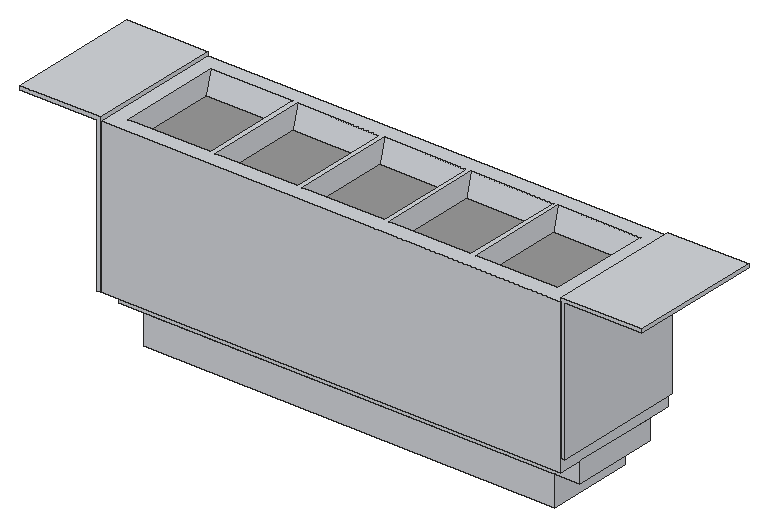
Revit family "2061127 Sylvania Lighting Fixture DOMINO 5xLED 940 BLACK NB TRIMLESS WHITE", category Lighting Fixtures, host Face, Revit 2018
Family settings
  Host = Face
  Round Connector Dimension = Use Diameter
  Part Type = Normal
  OmniClass Number = 23.80.70.00
  OmniClass Title = Lighting
  Cut with Voids When Loaded = No
  Light Source = Yes
  Shared = No
  Room Calculation Point = No
Parameters (values of type "2061127 DOMINO 5XLED 940 BLACK NB TS WHT ")
  top top width = 15.812 mm
  top top length = 123 mm
  Width = 50 mm
  Weight = "n/a"
  Wattage Comments = ""
  Wattage = 9.2903 W
  WarrantyStartDate [instance] = "n/a"
  WarrantyGuarantorParts = "n/a"
  WarrantyDurationUnit = "n/a"
  WarrantyDurationParts = ""
  WarrantyDescription = "http://www.sylvania-lighting.com"
  built-in parameter 1150110 = 1 (stored number, unit not read)
  Voltage = 0 V
  URL = "0.6"
  TypeName = "DOMINO 5xLED 940 BLACK NB TRIMLESS WHITE"
  Type Image = <None>
  Type Comments = "n/a"
  built-in parameter 1114217 = 1 (stored number, unit not read)
  Top Width = 26 mm
  Tilt Angle = 90.00°
  built-in parameter 1150109 = 1 (stored number, unit not read)
  built-in parameter 1150134 = 3
  built-in parameter 1150113 = 1 (stored number, unit not read)
  SerialNumber [instance] = "n/a"
  Recessed Width = 43 mm
  Recessed Length = 143 mm
  Photometric Web File = "2061127.ies"
  Material_3_FEILO = none
  PowerFactor = 0
  PowerConsumption = "Lighting"
  NominalLength = 41 mm
  NominalHeight = 0 mm
  NominalDepth = 0 mm
  Name = "DOMINO 5xLED 940 BLACK NB TRIMLESS WHITE"
  ModelReference = Name  # "DOMINO 5xLED 940 BLACK NB TRIMLESS WHITE"
  ModelNumber = "2061127"
  Model = Name  # "DOMINO 5xLED 940 BLACK NB TRIMLESS WHITE"
  Material = "Feilo Sylvania"
  ManufacturerName = "67 lm/W"
  Manufacturer = ""
  LuminousEfficacy = ""
  built-in parameter 1150105 = 109.82 (stored number, unit not read)
  Lumens = 1380 lm
  LuminaireType = "0"
  built-in parameter 1150115 = 1 (stored number, unit not read)
  LightOutputRatio = "LED"
  built-in parameter 1150137 = (empty or 0)
  built-in parameter 1150139 = (empty or 0)
  Lens inside recess = 25 mm
  Lens Width = 32 mm
  Lens Outside recess = 31.978 mm
  Lens = Glass, White, High Luminance
  Length = 148 mm
  LampsType = Lamp  # "n/a"
  LampNominalLuminous = "4000 K"
  LampMacAdamStep = "90"
  LampColourTemperature = "LED"
  LampColourRenderingIndex = "16500"
  built-in parameter 1150112 = 1 (stored number, unit not read)
  built-in parameter 1150114 = 1 (stored number, unit not read)
  Lamp = "n/a"
  Keynote = "n/a"
  InstallationDate [instance] = "n/a"
  InputVoltage = "0"
  InputNominalFrequency = "4000"
  built-in parameter 1150132 = (empty or 0)
  built-in parameter 1150102 = (empty or 0)
  built-in parameter 1150107 = 3200 (stored number, unit not read)
  built-in parameter 1150138 = (empty or 0)
  IngressProtection = "IfcLightFixtureType"
  ImpactProtectionIndex = "IfcLightFixtureType"
  built-in parameter 1150106 = 1.0982 (stored number, unit not read)
  IfcExportType = "IfcLightFixtureType"
  IfcExportAs = "Class II"
  Facia internal width = 37 mm
  Facia internal length = 135 mm
  Facia Height = 2 mm
  ExpectedLife = 50000
  Emit from Circle Diameter = 609.6 mm
  Emit Shape Visible in Rendering = no
  ElectricShockClassification = "67"
  built-in parameter 1150104 = 13.8 (stored number, unit not read)
  DurationUnit = "hours"
  DocumentationLiterature = "http://www.sylvania-lighting.com/product/en-int/products/2061127"
  DimmingControlOptions = "n/a"
  Material_2_FEILO = none
  Dimming Lamp Color Temperature Shift = <None>
  Description = "Modular LED recessed linear spotlight, ideal for retail and hospitality applications. Die-cast aluminium body, passive cooling. Two levels of reflector installation, low glaring UGR<16. 5x LED source, 15° beam angle , optics: PMMA lens and polycarbonate reflector combination, Black matt reflector finish. Light color temperature: 4000K neutral white, total system power: 13W , total fixture lumen output: 860lm, efficacy: 67 lm/W, Ra90 typical, LED chromacity: 3 step MacAdam ellipse (SDCM3), lifespan: 96,000 hours at 90% of the original output (L90B10), IR/UV free light source without heat radiation, operating voltage: 220-240V / 50-60Hz, electronic driver, ultra low flicker, non-dimmable , electrical protection: Class II. Degree of Protection: IP40/IP20, suitable for indoor environment only. Ceiling cut-out: 42x42mm, outer dimensions:  144x41mm , trimless frame RAL 9016 - Traffic white / Bezel color.5 years Warranty."
  Default Elevation = 1219.2 mm
  CreatedOn = "11/02/2021"
  CreatedBy = "@sylvania-lighting.com"
  Cost = 0
  Color Filter = 16777215
  built-in parameter 1114216 [instance] = (empty or 0)
  ClassificationValue = "EF_70_80"
  ClassificationName = "Uniclass2015"
  Material_1_FEILO = none
  Body Width = 40 mm
  Body Length = 138 mm
  BarCode [instance] = "n/a"
  built-in parameter 1114218 = 1 (stored number, unit not read)
  built-in parameter 1150133 = 10 (stored number, unit not read)
  AssetType = "Fixed"
  AssetIdentifier [instance] = "n/a"
  Assembly Code = "D5020200"
  Apparent Load = 13 VA
  Material_4_FEILO = none
Reference planes
  plane 1 "Center (Front/Back)": y = 0
  plane 2: z = 0
  plane 3 "Center (Left/Right)": x = 0
  plane 4: z = 0
  plane 5: z = -7
  plane 6: z = -45.895
  plane 7: z = -51.895
  plane 8: z = -60.895
  plane 9: x = -71.5
  plane 10: x = 71.5
  plane 11: y = 21.5
  plane 12: y = -21.5
  plane 13: x = -74
  plane 14: x = 74
  plane 15: y = 25
  plane 16: y = -25
  plane 17: x = 67.5
  plane 18: x = -67.5
  plane 19: y = 18.5
  plane 20: y = -18.5
  plane 21: z = 2
  plane 22: x = -69
  plane 23: x = 69
  plane 24: y = 20
  plane 25: y = -20
  plane 26: y = 13
  plane 27: y = -13
  plane 28: x = 61.5
  plane 29: x = -61.5
  plane 30: x = -65.5
  plane 31: y = 16.5
  plane 32: y = -16.472
  plane 33: x = -40.5
  plane 34: x = -41
  plane 35: x = -65
  plane 36: y = 13
  plane 37: y = -12.972
  plane 38: x = -39.5
  plane 39: x = -14.48
  plane 40: x = -13.48
  plane 41: x = 11.52
  plane 42: x = 12.52
  plane 43: x = 37.52
  plane 44: x = 38.52
  plane 45: x = 64.5
  plane 46: x = -72.5
  plane 47: z = 1
  plane 48: x = -93
  plane 49: z = -42
  plane 50: x = -70
  plane 51: x = 93
  plane 52: x = 70
Forms (mm)
  Extrusion 1, solid, not visible, detail levels medium+fine
    sketch origin (4.2, 0, 0) x (1, 0, 0) y (0, 1, 0)
      loop
        line (-29.2, 34.5) -> (-29.2, -34.5) -> (20.8, -34.5) -> (20.8, 34.5) -> (-29.2, 34.5)
    from 0 to 1
  Extrusion 2, solid, not visible, detail levels medium+fine
    sketch origin (4.044, 0, 0) x (1, 0, 0) y (0, 1, 0)
      loop
        line (-29.2, 34.5) -> (-29.2, -34.5) -> (20.8, -34.5) -> (20.8, 34.5) -> (-29.2, 34.5)
    from 0 to 1
  Blend 3, solid, not visible, detail levels medium+fine
    base sketch origin (4.2, 0, 0) x (1, 0, 0) y (0, 1, 0)
      loop
        line (-29.2, 34.5) -> (-29.2, -34.5) -> (20.8, -34.5) -> (20.8, 34.5) -> (-29.2, 34.5)
    top sketch origin (4.2, 0, 0) x (1, 0, 0) y (0, 1, 0)
      loop
        line (-21.7, 28) -> (-21.7, -28) -> (13.3, -28) -> (13.3, 28) -> (-21.7, 28)
    from 1 to 3
  Extrusion 4, solid, not visible, detail levels medium+fine
    sketch origin (3.419, 0, 0) x (1, 0, 0) y (0, 1, 0)
      loop
        line (-29.2, 34.5) -> (-29.2, -34.5) -> (20.8, -34.5) -> (20.8, 34.5) -> (-29.2, 34.5)
    from 0 to 1
  Blend 5, solid, not visible, detail levels medium+fine
    base sketch origin (3.575, 0, 0) x (1, 0, 0) y (0, 1, 0)
      loop
        line (-29.2, 34.5) -> (-29.2, -34.5) -> (20.8, -34.5) -> (20.8, 34.5) -> (-29.2, 34.5)
    top sketch origin (3.575, 0, 0) x (1, 0, 0) y (0, 1, 0)
      loop
        line (-21.7, 28) -> (-21.7, -28) -> (13.3, -28) -> (13.3, 28) -> (-21.7, 28)
    from 1 to 3
  Extrusion 6, solid, not visible, detail levels medium+fine
    sketch origin (4.247, 0, 0) x (1, 0, 0) y (0, 1, 0)
      loop
        line (-29.2, 34.5) -> (-29.2, -34.5) -> (20.8, -34.5) -> (20.8, 34.5) -> (-29.2, 34.5)
    from 0 to 1
  Blend 7, solid, not visible, detail levels medium+fine
    base sketch origin (4.403, 0, 0) x (1, 0, 0) y (0, 1, 0)
      loop
        line (-29.2, 34.5) -> (-29.2, -34.5) -> (20.8, -34.5) -> (20.8, 34.5) -> (-29.2, 34.5)
    top sketch origin (4.403, 0, 0) x (1, 0, 0) y (0, 1, 0)
      loop
        line (-21.7, 28) -> (-21.7, -28) -> (13.3, -28) -> (13.3, 28) -> (-21.7, 28)
    from 1 to 3
  Extrusion 8, void, detail levels medium+fine
    sketch origin (4.2, 0, 0) x (0, 1, 0) y (1, 0, 0)
      loop
        line (21.5, -75.7) -> (21.5, 67.3) -> (-21.5, 67.3) -> (-21.5, -75.7) -> (21.5, -75.7)
    from -9.934 to 83.097
  Extrusion 9, solid, detail levels medium+fine
    sketch origin (4.2, 0, 0) x (1, 0, 0) y (0, 1, 0)
      loop
        line (-73.2, 20) -> (-73.2, -20) -> (64.8, -20) -> (64.8, 20) -> (-73.2, 20)
    from 0 to -45.895
  Extrusion 10, solid, detail levels medium+fine
    sketch origin (4.2, 0, 0) x (1, 0, 0) y (0, 1, 0)
      loop
        line (-73.2, 13) -> (-73.2, -13) -> (64.8, -13) -> (64.8, 13) -> (-73.2, 13)
    from -51.895 to -45.895
  Extrusion 11, solid, material "Glass, White, High Luminance" <- "Lens", detail levels fine
    sketch origin (11.874, 1219.733, 36.156) x (1, 0, 0) y (0, 1, 0)
      loop
        line (-75.883, -1206.7) -> (-75.883, -1232.733) -> (-51.887, -1232.733) -> (-51.887, -1206.7) -> (-75.883, -1206.7)
    from -43.156 to -42.182
  Extrusion 12, solid, detail levels fine
    sketch origin (0, 0, 0) x (1, 0, 0) y (0, 0, 1)
      loop
        line (-61.5, -51.895) -> (-61.5, -60.895) -> (61.5, -60.895) -> (61.5, -51.895) -> (-61.5, -51.895)
    from -13 to 13
  Blend 13, void
    base sketch origin (5.187, 0, 0) x (0, 1, 0) y (-1, 0, 0)
      loop
        line (16.5, 69.7) -> (-16.472, 69.7) -> (-16.472, 44.7) -> (16.5, 44.7) -> (16.5, 69.7)
    top sketch origin (5.187, 0, 0) x (0, 1, 0) y (-1, 0, 0)
      loop
        line (13, 69.2) -> (-12.972, 69.2) -> (-12.972, 45.2) -> (13, 45.2) -> (13, 69.2)
    from 3 to -7
  Blend 14, void
    base sketch origin (31.202, 0, 0) x (0, 1, 0) y (-1, 0, 0)
      loop
        line (16.5, 69.7) -> (-16.472, 69.7) -> (-16.472, 44.7) -> (16.5, 44.7) -> (16.5, 69.7)
    top sketch origin (31.202, 0, 0) x (0, 1, 0) y (-1, 0, 0)
      loop
        line (13, 69.2) -> (-12.972, 69.2) -> (-12.972, 45.2) -> (13, 45.2) -> (13, 69.2)
    from 3 to -7
  Blend 15, void
    base sketch origin (57.213, -0.017, 0) x (0, 1, 0) y (-1, 0, 0)
      loop
        line (16.5, 69.7) -> (-16.472, 69.7) -> (-16.472, 44.7) -> (16.5, 44.7) -> (16.5, 69.7)
    top sketch origin (57.213, -0.017, 0) x (0, 1, 0) y (-1, 0, 0)
      loop
        line (13, 69.2) -> (-12.972, 69.2) -> (-12.972, 45.2) -> (13, 45.2) -> (13, 69.2)
    from 3 to -7
  Blend 16, void
    base sketch origin (83.222, 0, 0) x (0, 1, 0) y (-1, 0, 0)
      loop
        line (16.5, 69.7) -> (-16.472, 69.7) -> (-16.472, 44.7) -> (16.5, 44.7) -> (16.5, 69.7)
    top sketch origin (83.222, 0, 0) x (0, 1, 0) y (-1, 0, 0)
      loop
        line (13, 69.2) -> (-12.972, 69.2) -> (-12.972, 45.2) -> (13, 45.2) -> (13, 69.2)
    from 3 to -7
  Blend 17, void
    base sketch origin (109.202, 0, 0) x (0, 1, 0) y (-1, 0, 0)
      loop
        line (16.5, 69.7) -> (-16.472, 69.7) -> (-16.472, 44.7) -> (16.5, 44.7) -> (16.5, 69.7)
    top sketch origin (109.202, 0, 0) x (0, 1, 0) y (-1, 0, 0)
      loop
        line (13, 69.2) -> (-12.972, 69.2) -> (-12.972, 45.2) -> (13, 45.2) -> (13, 69.2)
    from 3 to -7
  Extrusion 18, solid, material "Glass, White, High Luminance" <- "Lens", detail levels fine
    sketch origin (37.889, 1219.733, 36.156) x (1, 0, 0) y (0, 1, 0)
      loop
        line (-75.883, -1206.7) -> (-75.883, -1232.733) -> (-51.887, -1232.733) -> (-51.887, -1206.7) -> (-75.883, -1206.7)
    from -43.156 to -42.182
  Extrusion 19, solid, material "Glass, White, High Luminance" <- "Lens", detail levels fine
    sketch origin (63.896, 1219.733, 36.156) x (1, 0, 0) y (0, 1, 0)
      loop
        line (-75.883, -1206.7) -> (-75.883, -1232.733) -> (-51.887, -1232.733) -> (-51.887, -1206.7) -> (-75.883, -1206.7)
    from -43.156 to -42.182
  Extrusion 20, solid, material "Glass, White, High Luminance" <- "Lens", detail levels fine
    sketch origin (89.905, 1219.733, 36.156) x (1, 0, 0) y (0, 1, 0)
      loop
        line (-75.883, -1206.7) -> (-75.883, -1232.733) -> (-51.887, -1232.733) -> (-51.887, -1206.7) -> (-75.883, -1206.7)
    from -43.156 to -42.182
  Extrusion 21, solid, material "Glass, White, High Luminance" <- "Lens", detail levels fine
    sketch origin (115.886, 1219.733, 36.156) x (1, 0, 0) y (0, 1, 0)
      loop
        line (-75.883, -1206.7) -> (-75.883, -1232.733) -> (-51.887, -1232.733) -> (-51.887, -1206.7) -> (-75.883, -1206.7)
    from -43.156 to -42.182
  Extrusion 22, solid, detail levels coarse
    sketch origin (4.2, 0, 0) x (1, 0, 0) y (0, 1, 0)
      loop
        line (-97.2, 20) -> (-97.2, -20) -> (88.8, -20) -> (88.8, 20) -> (-97.2, 20)
    from 3 to -60.895
  Extrusion 23, solid, detail levels medium+fine
    sketch origin (0, 0, 0) x (1, 0, 0) y (0, 0, 1)
      loop
        line (-69, -45.895) -> (-69, 1) -> (-93, 1) -> (-93, 0) -> (-70, 0) -> (-70, -45.895) -> (-69, -45.895)
    from -20 to 20
  Extrusion 24, solid, detail levels medium+fine
    sketch origin (0, 0, 0) x (1, 0, 0) y (0, 0, 1)
      loop
        line (93, 1) -> (69, 1) -> (69, -42) -> (70, -42) -> (70, 0) -> (93, 0) -> (93, 1)
    from -20 to 20
Cuts and joins
  Blend 13, Blend 14, Blend 15, Blend 16, Blend 17 cuts Extrusion 9
Dimensions and locks
  "Recessed Length": plane 9 to plane 10
  equal spacing: plane 9, plane 3 "Center (Left/Right)", plane 10
  "Length": plane 13 to plane 14
  equal spacing: plane 13, plane 3 "Center (Left/Right)", plane 14
  "Recessed Width": plane 11 to plane 12
  equal spacing: plane 11, plane 1 "Center (Front/Back)", plane 12
  "Width": plane 15 to plane 16
  equal spacing: plane 15, plane 1 "Center (Front/Back)", plane 16
  "Facia internal length": plane 18 to plane 17
  equal spacing: plane 18, plane 3 "Center (Left/Right)", plane 17
  "Facia internal width": plane 19 to plane 20
  equal spacing: plane 19, plane 1 "Center (Front/Back)", plane 20
  "Facia Height": plane 21 to host face
  "Body Length": plane 22 to plane 23
  equal spacing: plane 22, plane 3 "Center (Left/Right)", plane 23
  "Body Width": plane 24 to plane 25
  equal spacing: plane 24, plane 1 "Center (Front/Back)", plane 25
  "Top Width": plane 26 to plane 27
  equal spacing: plane 26, plane 1 "Center (Front/Back)", plane 27
  "top top length": plane 29 to plane 28
  equal spacing: plane 29, plane 3 "Center (Left/Right)", plane 28  (x2)
  plane 28 to plane 29 = 123 mm
  equal spacing: plane 28, plane 3 "Center (Left/Right)", plane 29
  aligned and locked: plane 2 to host face
  aligned and locked: level to host face
  aligned and locked: Extrusion 10 to plane 7
  aligned and locked: Extrusion 9 to plane 6
  aligned and locked: Extrusion 11 to plane 5
Automatic sketch dimensions
  Extrusion 1 sketch curve to Extrusion 1 sketch curve = 50 mm
  Extrusion 1 sketch curve to Extrusion 1 sketch curve = 69 mm
  Extrusion 2 sketch curve to Extrusion 2 sketch curve = 50 mm
  Extrusion 2 sketch curve to Extrusion 2 sketch curve = 69 mm
  Blend 3 sketch curve to Blend 3 sketch curve = 50 mm
  Blend 3 sketch curve to Blend 3 sketch curve = 69 mm
  Blend 3 sketch curve to Blend 3 sketch curve = 35 mm
  Blend 3 sketch curve to Blend 3 sketch curve = 56 mm
  Extrusion 4 sketch curve to Extrusion 4 sketch curve = 50 mm
  Extrusion 4 sketch curve to Extrusion 4 sketch curve = 69 mm
  Blend 5 sketch curve to Blend 5 sketch curve = 50 mm
  Blend 5 sketch curve to Blend 5 sketch curve = 69 mm
  Blend 5 sketch curve to Blend 5 sketch curve = 35 mm
  Blend 5 sketch curve to Blend 5 sketch curve = 56 mm
  Extrusion 6 sketch curve to Extrusion 6 sketch curve = 50 mm
  Extrusion 6 sketch curve to Extrusion 6 sketch curve = 69 mm
  Blend 7 sketch curve to Blend 7 sketch curve = 50 mm
  Blend 7 sketch curve to Blend 7 sketch curve = 69 mm
  Blend 7 sketch curve to Blend 7 sketch curve = 35 mm
  Blend 7 sketch curve to Blend 7 sketch curve = 56 mm
  host sketch curve to host sketch curve = 2438.4 mm  (x2)
  Extrusion 8 sketch curve to plane 9 = 0 mm
  Extrusion 8 sketch curve to plane 12 = 0 mm
  Extrusion 8 sketch curve to plane 11 = 0 mm
  Extrusion 8 sketch curve to plane 10 = 0 mm
  Extrusion 9 sketch curve to plane 22 = 0 mm
  Extrusion 9 sketch curve to plane 23 = 0 mm
  Extrusion 9 sketch curve to plane 25 = 0 mm
  Extrusion 9 sketch curve to plane 24 = 0 mm
  Extrusion 10 sketch curve to plane 22 = 0 mm
  Extrusion 10 sketch curve to plane 23 = 0 mm
  Extrusion 10 sketch curve to plane 27 = 0 mm
  Extrusion 10 sketch curve to plane 26 = 0 mm
  Extrusion 11 sketch curve to plane 27 = 0 mm
  plane 35 to Extrusion 11 sketch curve = 0.991 mm
  plane 26 to Extrusion 11 sketch curve = 0.033 mm
  plane 33 to Extrusion 11 sketch curve = 0.487 mm
  Extrusion 12 sketch curve to plane 8 = 0 mm
  Extrusion 12 sketch curve to plane 29 = 0 mm
  Extrusion 12 sketch curve to plane 28 = 0 mm
  Extrusion 12 sketch curve to plane 7 = 0 mm
  Blend 13 sketch curve to plane 32 = 0 mm
  Blend 13 sketch curve to plane 31 = 0 mm
  Blend 13 sketch curve to plane 38 = 0.013 mm
  plane 35 to Blend 13 sketch curve = 0.487 mm
  Blend 13 sketch curve to plane 37 = 0 mm
  Blend 13 sketch curve to plane 26 = 0 mm
  plane 33 to Blend 13 sketch curve = 0.487 mm
  plane 35 to Blend 13 sketch curve = 0.987 mm
  Blend 14 sketch curve to plane 32 = 0 mm
  Blend 14 sketch curve to plane 31 = 0 mm
  Blend 14 sketch curve to plane 40 = 0.018 mm
  plane 38 to Blend 14 sketch curve = 1.002 mm
  Blend 14 sketch curve to plane 37 = 0 mm
  Blend 14 sketch curve to plane 26 = 0 mm
  plane 39 to Blend 14 sketch curve = 0.482 mm
  plane 38 to Blend 14 sketch curve = 1.502 mm
  Blend 15 sketch curve to plane 32 = 0.017 mm
  Blend 15 sketch curve to plane 31 = 0.017 mm
  Blend 15 sketch curve to plane 42 = 0.007 mm
  plane 40 to Blend 15 sketch curve = 0.993 mm
  plane 27 to Blend 15 sketch curve = 0.011 mm
  Blend 15 sketch curve to plane 26 = 0.017 mm
  plane 41 to Blend 15 sketch curve = 0.493 mm
  plane 40 to Blend 15 sketch curve = 1.493 mm
  plane 32 to Blend 16 sketch curve = 0 mm
  plane 31 to Blend 16 sketch curve = 0 mm
  plane 44 to Blend 16 sketch curve = 0.002 mm
  plane 42 to Blend 16 sketch curve = 1.002 mm
  plane 37 to Blend 16 sketch curve = 0 mm
  plane 26 to Blend 16 sketch curve = 0 mm
  Blend 16 sketch curve to plane 44 = 0.498 mm
  plane 42 to Blend 16 sketch curve = 1.502 mm
  Blend 17 sketch curve to plane 32 = 0 mm
  Blend 17 sketch curve to plane 31 = 0 mm
  plane 45 to Blend 17 sketch curve = 0.002 mm
  plane 44 to Blend 17 sketch curve = 0.982 mm
  Blend 17 sketch curve to plane 37 = 0 mm
  Blend 17 sketch curve to plane 26 = 0 mm
  Blend 17 sketch curve to plane 45 = 0.498 mm
  plane 44 to Blend 17 sketch curve = 1.482 mm
  Extrusion 18 sketch curve to plane 27 = 0 mm
  plane 38 to Extrusion 18 sketch curve = 1.506 mm
  plane 26 to Extrusion 18 sketch curve = 0.033 mm
  plane 39 to Extrusion 18 sketch curve = 0.482 mm
  Extrusion 19 sketch curve to plane 27 = 0 mm
  plane 40 to Extrusion 19 sketch curve = 1.493 mm
  plane 26 to Extrusion 19 sketch curve = 0.033 mm
  plane 41 to Extrusion 19 sketch curve = 0.49 mm
  Extrusion 20 sketch curve to plane 27 = 0 mm
  plane 42 to Extrusion 20 sketch curve = 1.502 mm
  plane 26 to Extrusion 20 sketch curve = 0.033 mm
  plane 43 to Extrusion 20 sketch curve = 0.498 mm
  Extrusion 21 sketch curve to plane 27 = 0 mm
  plane 44 to Extrusion 21 sketch curve = 1.482 mm
  plane 26 to Extrusion 21 sketch curve = 0.033 mm
  Extrusion 21 sketch curve to plane 45 = 0.501 mm
  Extrusion 22 sketch curve to plane 13 = 19 mm
  plane 14 to Extrusion 22 sketch curve = 19 mm
  plane 16 to Extrusion 22 sketch curve = 5 mm
  Extrusion 22 sketch curve to plane 15 = 5 mm
  Extrusion 23 sketch curve to level = 0 mm
  Extrusion 23 sketch curve to plane 48 = 0 mm
  Extrusion 23 sketch curve to plane 50 = 0 mm
  Extrusion 23 sketch curve to plane 6 = 0 mm
  Extrusion 23 sketch curve to plane 22 = 0 mm
  Extrusion 23 sketch curve to plane 47 = 0 mm
  Extrusion 24 sketch curve to plane 23 = 0 mm
  Extrusion 24 sketch curve to plane 49 = 0 mm
  Extrusion 24 sketch curve to plane 52 = 0 mm
  Extrusion 24 sketch curve to plane 47 = 0 mm
  Extrusion 24 sketch curve to plane 51 = 0 mm
  Extrusion 24 sketch curve to level = 0 mm
Connectors
  electrical at (0, 0, -60.895)
    settings: on Extrusion 12, index 1, voltage 0 V, apparent load 0 VA, apparent load phase1 0 VA, apparent load phase2 0 VA, apparent load phase3 0 VA, power factor 1, load classification "Other", number of poles 1, system type 31, power factor state 1, is connector primary yes, connector utility no, sub classification motor no, connector description ""
